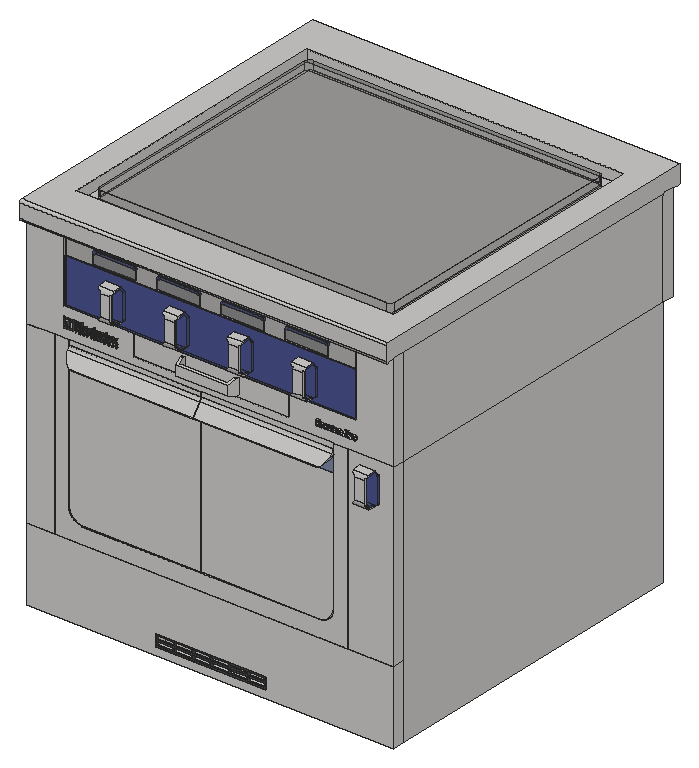
Revit family "QF_ELECTROLUXPROFESSIONAL_588463_MALPFAH4AO", category Attrezzature speciali, Revit 2020
Family settings
  Quota connettore circolare = Usa diametro
  Tipo di parte = Normale
  Basato su piano di lavoro = No
  Sempre verticale = Sì
  Taglio con vuoti quando caricato = No
  Condiviso = No
  Punto di calcolo locali = No
Parameters (values of type "Standard")
  Weight = 143.00 kg
  Watts = 14300 W
  Volts = 400 V
  URL Manufacturer = "https://www.electroluxprofessional.com/"
  URL = "https://www.electroluxprofessional.com/"
  Steam Supply Size = 0"
  Steam Supply Minimum Pressure = 0.00 psi
  Steam Supply Maximum Pressure = 0.00 psi
  Steam Consumption per Hour = 0
  Refrigeration Suction Line Size = 0 mm
  Refrigeration Liquid Line Size = 0 mm
  Refrigerant Compressor Remote = yes
  Prospetto di default = 0 mm
  Phase = 3
  Modello = "MALPFAH4AO"
  Produttore = "Electrolux Professional"
  Length Actual = 800 mm  # constant formula
  Item Number = "588463"
  Hot Water Size = 0"
  Height Actual = 800 mm  # constant formula
  HP = "19.2 HP"
  Gas Size = 0"
  Gas KW = 0
  Gas Input Pressure = 0.0 Btu/h
  Direct Waste Size = 0"
  Descrizione = "EL.SOLID TOP,WARM.CAB.1S,800X800X800H"
  Depth Actual = 800 mm  # constant formula
  Cycle = 50 Hz
  Condensate Return Size = 0"
  Compressed Air Volume = 0 GPM
  Compressed Air Size = 0"
  Compressed Air Pressure = 0.00 psi
  Cold Water Size = 0"
  Accessory = yes
Reference planes
  plane 1 "BACK": y = 0
  plane 2: z = 0
  plane 3 "LEFT": x = 0
  plane 4 "RIGHT": x = 800
  plane 5 "FRONT": y = -800
  plane 6 "TOP": z = 900
  plane 7 "Center (Left/Right)": x = 400
  plane 8: y = -400
  plane 9: z = 100
  plane 10: y = -150
  plane 11 "Panel": y = -755
  plane 12: z = 798
  plane 13: z = 1327
  plane 14: x = 78
  plane 15: x = 722
  plane 16: y = -150
  plane 17: y = -650
  plane 18 "EIx": x = 755
  plane 19 "EIy": y = -585
  plane 20: x = 380
  plane 21 "BASE_TOP": z = 650
  plane 22: x = 60
  plane 23: x = 700
  plane 24: z = 260
Forms (mm)
  Extrusion 1, solid, material "QF_Finishes_Stainless Steel"
    sketch origin (-178.969, -4572, 100) x (-1, 0, 0) y (0, -1, 0)
      loop
        line (-178.969, -4527) -> (-178.969, -3817) -> (-978.969, -3817) -> (-978.969, -4527) -> (-178.969, -4527)
    from 550 to 763
  Extrusion 2, solid, material "QF_Finishes_Stainless Steel"
    sketch origin (0, 0, 0) x (0, 1, 0) y (0, 0, 1)
      loop
        line (-755, 100) -> (-755, 260) -> (-780, 260) -> (-780, 100) -> (-755, 100)
    from 0 to 800
  Extrusion 3, solid, material "QF_Finishes_Stainless Steel"
    sketch origin (-588.969, -4562, 100) x (-1, 0, 0) y (0, -1, 0)
      loop
        circle (-1343.969, -3977) r 6.35
    from 0 to -11.851
  Extrusion 4, solid, material "QF_Finishes_Stainless Steel"
    sketch origin (400, 296.4, 1219.2) x (0, 1, 0) y (0, 0, 1)
      loop
        line (-296.4, -319.2) -> (-1091.4, -319.2)
        arc (-1091.4, -319.2) -> (-1094.935, -320.664) -> (-1096.4, -324.2) r 5
        line (-1096.4, -324.2) -> (-1096.4, -355.2)
        arc (-1096.4, -355.2) -> (-1094.971, -358.264) -> (-1091.705, -359.139) r 4
        line (-1091.705, -359.139) -> (-1076.4, -356.231) -> (-316.4, -356.231) -> (-301.094, -359.139)
        arc (-301.094, -359.139) -> (-297.829, -358.264) -> (-296.4, -355.2) r 4
        line (-296.4, -355.2) -> (-296.4, -319.2)
    from -400 to 400
  Extrusion 5, solid, material "QF_Finishes_Electrolux_Black Smoke Iluminated"
    sketch origin (0, 0, 900) x (-1, 0, 0) y (0, -1, 0)
      loop
        arc (-88, 109) -> (-80.929, 111.929) -> (-78, 119) r 10
        line (-78, 119) -> (-78, 680)
        arc (-78, 680) -> (-80.929, 687.071) -> (-88, 690) r 10
        line (-88, 690) -> (-712, 690)
        arc (-712, 690) -> (-719.071, 687.071) -> (-722, 680) r 10
        line (-722, 680) -> (-722, 119)
        arc (-722, 119) -> (-719.071, 111.929) -> (-712, 109) r 10
        line (-712, 109) -> (-88, 109)
    from 0 to -20
  Extrusion 6, solid, material "QF_Finishes_Stainless Steel"
    sketch origin (-178.969, -4571, 100) x (-1, 0, 0) y (0, -1, 0)
      loop
        line (-178.969, -4526) -> (-178.969, -3816) -> (-978.969, -3816) -> (-978.969, -4526) -> (-178.969, -4526)
    from 550 to 0
  Extrusion 7, void
    sketch origin (0, -755, 0) x (-1, 0, 0) y (0, 0, 1)
      loop
        line (-520, 116.594) -> (-280, 116.594) -> (-280, 141.594) -> (-520, 141.594) -> (-520, 116.594)
    from 0 to -25
  Extrusion 8, solid, material "QF_Finishes_Black"
    sketch origin (0, -755, 0) x (-1, 0, 0) y (0, 0, 1)
      loop
        line (-280, 141.594) -> (-520, 141.594) -> (-520, 116.594) -> (-280, 116.594) -> (-280, 141.594)
      loop
        line (-282, 139.594) -> (-319.131, 139.594) -> (-319.131, 130.094) -> (-282, 130.094) -> (-282, 139.594)
      loop
        line (-282, 118.594) -> (-282, 128.094) -> (-319.131, 128.094) -> (-319.131, 118.594) -> (-282, 118.594)
      loop
        line (-321.131, 139.594) -> (-359.066, 139.594) -> (-359.066, 130.094) -> (-321.131, 130.094) -> (-321.131, 139.594)
      loop
        line (-399, 139.594) -> (-399, 130.094) -> (-361.066, 130.094) -> (-361.066, 139.594) -> (-399, 139.594)
      loop
        line (-401, 139.594) -> (-438.934, 139.594) -> (-438.934, 130.094) -> (-401, 130.094) -> (-401, 139.594)
      loop
        line (-359.066, 118.594) -> (-321.131, 118.594) -> (-321.131, 128.094) -> (-359.066, 128.094) -> (-359.066, 118.594)
      loop
        line (-361.066, 118.594) -> (-361.066, 128.094) -> (-399, 128.094) -> (-399, 118.594) -> (-361.066, 118.594)
      loop
        line (-401, 128.094) -> (-438.934, 128.094) -> (-438.934, 118.594) -> (-401, 118.594) -> (-401, 128.094)
      loop
        line (-518, 139.594) -> (-518, 130.094) -> (-480.869, 130.094) -> (-480.869, 139.594) -> (-518, 139.594)
      loop
        line (-518, 118.594) -> (-480.869, 118.594) -> (-480.869, 128.094) -> (-518, 128.094) -> (-518, 118.594)
      loop
        line (-478.869, 139.594) -> (-478.869, 130.094) -> (-440.934, 130.094) -> (-440.934, 139.594) -> (-478.869, 139.594)
      loop
        line (-440.934, 118.594) -> (-440.934, 128.094) -> (-478.869, 128.094) -> (-478.869, 118.594) -> (-440.934, 118.594)
    from -25.03 to -20
  Extrusion 9, void
    sketch origin (0, 0, 900) x (-1, 0, 0) y (0, -1, 0)
      loop
        line (-53, 715) -> (-747, 715) -> (-747, 84) -> (-53, 84) -> (-53, 715)
    from 0 to -25
  Extrusion 10, solid, material "QF_Finishes_Stainless Steel"
    sketch origin (0, 0, 900) x (-1, 0, 0) y (0, -1, 0)
      loop
        line (-82, 113) -> (-82, 686) -> (-718, 686) -> (-718, 113) -> (-82, 113)
    from -20 to -25
  Extrusion 11, solid, material "QF_Finishes_Stainless Steel"
    sketch origin (0, -755, 0) x (-1, 0, 0) y (0, 0, 1)
      loop
        line (0, 260) -> (0, 650) -> (-60, 650) -> (-60, 260) -> (0, 260)
    from 0 to -25.03
  Extrusion 12, solid, material "QF_Finishes_Stainless Steel"
    sketch origin (0, -755, 0) x (-1, 0, 0) y (0, 0, 1)
      loop
        line (-700, 260) -> (-700, 650) -> (-800, 650) -> (-800, 260) -> (-700, 260)
    from 0 to -25.03
  Extrusion 13, solid, material "QF_Finishes_Stainless Steel"
    sketch origin (70, -755, 0) x (-1, 0, 0) y (0, 0, 1)
      loop
        line (10, 260) -> (10, 650) -> (-20, 650) -> (-20, 325)
        arc (-20, 325) -> (-28.787, 303.787) -> (-50, 295) r 30
        line (-50, 295) -> (-570, 295)
        arc (-570, 295) -> (-591.213, 303.787) -> (-600, 325) r 30
        line (-600, 325) -> (-600, 650) -> (-630, 650) -> (-630, 260) -> (10, 260)
    from 0 to -25.03
  Extrusion 14, solid, material "QF_Finishes_Stainless Steel"
    sketch origin (0, 0, 0) x (1, 0, 0) y (0, 0, 1)
      loop
        line (0, 650) -> (800, 650) -> (800, 862.969) -> (0, 862.969) -> (0, 650)
    from 45 to 20
Cuts and joins
  Extrusion 7 cuts Extrusion 6
  Extrusion 7 cuts Extrusion 2
  Extrusion 9 cuts Extrusion 4
Lines and regions (mm)
  symbolic lines
    curve 1: line (0, 0, 100) -> (800, 0, 100)
    curve 2: line (0, -800, 100) -> (0, 0, 100)
    curve 3: line (800, -800, 100) -> (0, -800, 100)
    curve 4: line (800, 0, 100) -> (800, -800, 100)
    curve 5: line (712, -109, 100) -> (88, -109, 100)
    curve 6: line (78, -119, 100) -> (78, -680, 100)
    curve 7: line (88, -690, 100) -> (712, -690, 100)
    curve 8: line (722, -680, 100) -> (722, -119, 100)
    curve 9: arc (88, -109, 100) -> (80.929, -111.929, 100) -> (78, -119, 100) r 10
    curve 10: arc (722, -119, 100) -> (719.071, -111.929, 100) -> (712, -109, 100) r 10
    curve 11: arc (712, -690, 100) -> (719.071, -687.071, 100) -> (722, -680, 100) r 10
    curve 12: arc (78, -680, 100) -> (80.929, -687.071, 100) -> (88, -690, 100) r 10
    curve 13: line (747, -84, 900) -> (53, -84, 900)
    curve 14: line (53, -84, 900) -> (53, -715, 900)
    curve 15: line (747, -715, 900) -> (747, -84, 900)
    curve 16: line (53, -715, 900) -> (747, -715, 900)
  model lines, style "SpecialityEquipment"
    curve 17: arc (584, -161, 900) -> (530.967, -289.033, 900) -> (659, -236, 900) r 75
    curve 18: line (639, -236, 900) -> (679, -236, 900)
    curve 19: line (679, -236, 900) -> (659, -216, 900)
    curve 20: line (639, -236, 900) -> (659, -216, 900)
    curve 21: arc (216, -161, 900) -> (162.967, -289.033, 900) -> (291, -236, 900) r 75
    curve 22: line (271, -236, 900) -> (311, -236, 900)
    curve 23: line (311, -236, 900) -> (291, -216, 900)
    curve 24: line (271, -236, 900) -> (291, -216, 900)
    curve 25: arc (584, -489, 900) -> (530.967, -617.033, 900) -> (659, -564, 900) r 75
    curve 26: line (639, -564, 900) -> (679, -564, 900)
    curve 27: line (679, -564, 900) -> (659, -544, 900)
    curve 28: line (639, -564, 900) -> (659, -544, 900)
    curve 29: arc (216, -489, 900) -> (162.967, -617.033, 900) -> (291, -564, 900) r 75
    curve 30: line (271, -564, 900) -> (311, -564, 900)
    curve 31: line (311, -564, 900) -> (291, -544, 900)
    curve 32: line (271, -564, 900) -> (291, -544, 900)
Dimensions and locks
  plane 3 "LEFT" to plane 4 "RIGHT" = 800 mm
  plane 5 "FRONT" to plane 1 "BACK" = 800 mm
  equal spacing: plane 3 "LEFT", plane 7 "Center (Left/Right)", plane 4 "RIGHT"
  equal spacing: plane 5 "FRONT", plane 8, plane 1 "BACK"
  plane 9 to level = 100 mm
  plane 1 "BACK" to plane 10 to plane 11 "Panel" = 150 mm, 605 mm  (x2)
  plane 6 "TOP" to plane 9 to level = 800 mm, 100 mm
  plane 6 "TOP" to level = 900 mm
  plane 1 "BACK" to plane 5 "FRONT" = 800 mm
  plane 1 "BACK" to Extrusion 3 = 585 mm
  plane 12 to plane 9 = 698 mm
  plane 13 to plane 6 "TOP" = 427 mm
  plane 6 "TOP" to plane 12 = 102 mm
  plane 14 to plane 3 "LEFT" = 78 mm
  plane 15 to plane 4 "RIGHT" = 78 mm
  locked: plane 1 "BACK" to plane 16 at 150
  locked: plane 16 to plane 17 at 500
  plane 11 "Panel" to plane 5 "FRONT" = 45 mm
  plane 18 "EIx" to plane 4 "RIGHT" = 45 mm
  plane 19 "EIy" to plane 1 "BACK" = 585 mm
  plane 7 "Center (Left/Right)" to plane 20 = 20 mm
  locked: plane 22 to plane 3 "LEFT" at 60
  plane 23 to plane 4 "RIGHT" = 100 mm
  plane 6 "TOP" to plane 21 "BASE_TOP" to plane 9 to level = 250 mm, 550 mm, 100 mm
  aligned and locked: level to plane 2
  aligned and locked: Extrusion 2 to plane 4 "RIGHT"
  aligned and locked: Extrusion 12 to plane 4 "RIGHT"
  aligned and locked: Extrusion 12 to plane 23
  aligned and locked: plane 21 "BASE_TOP" to Extrusion 12
  aligned and locked: Extrusion 12 to plane 24
  aligned and locked: Extrusion 11 to plane 3 "LEFT"
  aligned and locked: plane 22 to Extrusion 11
  aligned and locked: Extrusion 11 to plane 24
  aligned and locked: Extrusion 13 sketch curve to plane 22
  aligned and locked: Extrusion 13 sketch curve to plane 23
  aligned and locked: Extrusion 13 sketch curve to plane 21 "BASE_TOP"
  aligned and locked: Extrusion 14 to plane 3 "LEFT"
  aligned and locked: Extrusion 14 to plane 21 "BASE_TOP"
  aligned and locked: Extrusion 14 to cut or joined group of Extrusion 4, Extrusion 9
  aligned and locked: plane 24 to cut or joined group of Extrusion 2, Extrusion 7
Automatic sketch dimensions
  Extrusion 1 sketch curve to plane 4 "RIGHT" = 0 mm
  Extrusion 1 sketch curve to plane 3 "LEFT" = 0 mm
  Extrusion 1 sketch curve to plane 11 "Panel" = 0 mm
  plane 1 "BACK" to Extrusion 1 sketch curve = 45 mm
  Extrusion 2 sketch curve to plane 9 = 0 mm
  Extrusion 2 sketch curve to plane 11 "Panel" = 0 mm
  plane 24 to Extrusion 2 sketch curve = 0 mm
  Extrusion 2 sketch curve to plane 5 "FRONT" = 20 mm
  plane 1 "BACK" to curve 1 = 0 mm
  curve 1 to plane 4 "RIGHT" = 0 mm
  curve 8 to plane 15 = 0 mm
  curve 6 to plane 14 = 0 mm
  curve 2 to plane 3 "LEFT" = 0 mm
  plane 5 "FRONT" to curve 3 = 0 mm
  plane 15 to curve 5 = 10 mm
  curve 11 to curve 11 = 10 mm
  curve 5 to plane 14 = 10 mm
  curve 12 to curve 6 = 10 mm
  plane 10 to curve 5 = 41 mm
  plane 17 to curve 11 = 30 mm
  Extrusion 3 sketch curve to plane 18 "EIx" = 0 mm
  Extrusion 3 sketch curve to plane 19 "EIy" = 0 mm
  Extrusion 4 sketch curve to plane 5 "FRONT" = 0 mm
  Extrusion 4 sketch curve to plane 6 "TOP" = 0 mm
  Extrusion 4 sketch curve to plane 1 "BACK" = 0 mm
  Extrusion 4 sketch curve to plane 5 "FRONT" = 4 mm
  Extrusion 4 sketch curve to Extrusion 4 sketch curve = 0.695 mm
  Extrusion 4 sketch curve to plane 5 "FRONT" = 5 mm
  Extrusion 4 sketch curve to Extrusion 4 sketch curve = 15.305 mm
  plane 1 "BACK" to Extrusion 4 sketch curve = 20 mm
  plane 1 "BACK" to Extrusion 4 sketch curve = 4.695 mm
  Extrusion 4 sketch curve to Extrusion 4 sketch curve = 4 mm
  Extrusion 4 sketch curve to Extrusion 4 sketch curve = 31 mm
  Extrusion 4 sketch curve to plane 6 "TOP" = 36 mm
  Extrusion 4 sketch curve to Extrusion 4 sketch curve = 2.909 mm
  Extrusion 5 sketch curve to plane 15 = 0 mm
  Extrusion 5 sketch curve to plane 14 = 0 mm
  plane 15 to Extrusion 5 sketch curve = 10 mm  (x2)
  Extrusion 5 sketch curve to Extrusion 5 sketch curve = 10 mm  (x2)
  plane 10 to Extrusion 5 sketch curve = 41 mm
  plane 17 to Extrusion 5 sketch curve = 30 mm
  Extrusion 6 sketch curve to plane 4 "RIGHT" = 0 mm
  Extrusion 6 sketch curve to plane 3 "LEFT" = 0 mm
  plane 11 "Panel" to Extrusion 6 sketch curve = 0 mm
  plane 1 "BACK" to Extrusion 6 sketch curve = 45 mm
  plane 9 to Extrusion 7 sketch curve = 41.594 mm
  plane 7 "Center (Left/Right)" to Extrusion 7 sketch curve = 120 mm
  Extrusion 7 sketch curve to plane 20 = 100 mm
  plane 9 to Extrusion 7 sketch curve = 16.594 mm
  plane 9 to Extrusion 8 sketch curve = 41.594 mm
  plane 7 "Center (Left/Right)" to Extrusion 8 sketch curve = 120 mm
  Extrusion 8 sketch curve to Extrusion 8 sketch curve = 2 mm  (x16)
  Extrusion 8 sketch curve to Extrusion 8 sketch curve = 0 mm  (x15)
  Extrusion 8 sketch curve to Extrusion 8 sketch curve = 37.131 mm  (x2)
  Extrusion 8 sketch curve to Extrusion 8 sketch curve = 37.934 mm  (x2)
  plane 7 "Center (Left/Right)" to Extrusion 8 sketch curve = 1 mm  (x2)
  Extrusion 8 sketch curve to plane 7 "Center (Left/Right)" = 1 mm  (x2)
  Extrusion 8 sketch curve to plane 20 = 18.934 mm
  plane 9 to Extrusion 8 sketch curve = 18.594 mm  (x4)
  Extrusion 8 sketch curve to Extrusion 8 sketch curve = 9.5 mm  (x6)
  plane 18 "EIx" to Extrusion 9 sketch curve = 8 mm
  Extrusion 9 sketch curve to plane 22 = 7 mm
  plane 10 to Extrusion 9 sketch curve = 66 mm
  plane 11 "Panel" to Extrusion 9 sketch curve = 40 mm
  plane 15 to Extrusion 10 sketch curve = 4 mm
  Extrusion 10 sketch curve to plane 14 = 4 mm
  plane 10 to Extrusion 10 sketch curve = 37 mm
  plane 17 to Extrusion 10 sketch curve = 36 mm
  plane 18 "EIx" to curve 16 = 8 mm
  curve 19 to plane 23 = 21 mm
  curve 27 to plane 23 = 21 mm
  curve 26 to curve 27 = 20 mm
  curve 18 to curve 20 = 20 mm
  curve 19 to curve 20 = 20 mm
  curve 27 to curve 26 = 20 mm
  curve 18 to curve 17 = 55 mm
  curve 26 to curve 25 = 55 mm
  curve 31 to plane 20 = 69 mm
  curve 23 to plane 20 = 69 mm
  curve 22 to curve 24 = 20 mm
  curve 30 to curve 31 = 20 mm
  curve 31 to curve 32 = 20 mm
  curve 23 to curve 24 = 20 mm
  curve 22 to curve 21 = 55 mm
  curve 30 to curve 29 = 55 mm
  curve 14 to plane 22 = 7 mm
  curve 22 to plane 10 = 86 mm
  curve 18 to plane 10 = 86 mm
  plane 10 to curve 13 = 66 mm
  plane 11 "Panel" to curve 15 = 40 mm
  curve 25 to curve 26 = 20 mm
  curve 17 to curve 18 = 20 mm
  curve 29 to curve 30 = 20 mm
  curve 21 to curve 22 = 20 mm
  Extrusion 11 sketch curve to plane 22 = 0 mm
  Extrusion 11 sketch curve to plane 3 "LEFT" = 0 mm
  Extrusion 11 sketch curve to plane 24 = 0 mm
  Extrusion 11 sketch curve to plane 21 "BASE_TOP" = 0 mm
  plane 4 "RIGHT" to Extrusion 12 sketch curve = 0 mm
  Extrusion 12 sketch curve to plane 21 "BASE_TOP" = 0 mm
  Extrusion 12 sketch curve to plane 23 = 0 mm
  Extrusion 12 sketch curve to plane 24 = 0 mm
  Extrusion 13 sketch curve to plane 21 "BASE_TOP" = 0 mm
  Extrusion 13 sketch curve to plane 24 = 0 mm
  Extrusion 13 sketch curve to plane 23 = 30 mm
  Extrusion 13 sketch curve to Extrusion 13 sketch curve = 30 mm
  Extrusion 13 sketch curve to plane 14 = 42 mm
  Extrusion 13 sketch curve to plane 14 = 12 mm
  plane 24 to Extrusion 13 sketch curve = 35 mm
  plane 21 "BASE_TOP" to Extrusion 14 sketch curve = 212.969 mm
  Extrusion 14 sketch curve to plane 23 = 700 mm
  plane 4 "RIGHT" to Extrusion 14 sketch curve = 0 mm
  plane 24 to Extrusion 14 sketch curve = 390 mm
  plane 19 "EIy" to curve 31 = 21 mm
  plane 19 "EIy" to curve 27 = 41 mm
  radius of Extrusion 3 sketch curve = 6.35 mm
Nested families
  nested 1: "FIT Range Control Handle" at (745, -783.167, -372.751), type "FIT Range Control Handle"
  nested 2: "Front_Panel_W800_Four Knobs" at (202.376, -755, 0), type "Front_Panel_W800_Four Knobs"
  nested 3: "H450H2_2DOOR" at (343.958, -755, 200) x (1, 0, 0) z (0, -1, 0), type "H450H2_2DOOR"
    with Width 580 mm, Wdoor 290 mm, Show Clearance yes
  nested 4: "Warm" at (800, -800, 900), type "Warm"
Connectors
  electrical at (755, -585, 88.149)
    settings: on Extrusion 3, index 1, voltage 400 V, apparent load 33000 VA, apparent load phase1 0 VA, apparent load phase2 0 VA, apparent load phase3 0 VA, power factor 1, load classification "Other", number of poles 1, system type 30, power factor state 1, is connector primary yes, connector utility no, sub classification motor no, connector description "ELECTRICAL CONNECTION"
Definition of nested family "FIT Range Control Handle"
  Parameters
    Default Elevation = 0 mm
  Reference planes
    plane 1 "Center (Front/Back)": y = 0
    plane 2: z = 0
    plane 3 "Center (Left/Right)": x = 0
    plane 4: z = 971.092
    plane 5: y = -16.8
  Forms (mm)
    Extrusion 1, solid
      sketch origin (-746.28, 380.497, 208.931) x (-1, 0, 0) y (0, 0, 1)
        loop
          line (-770.101, 786.798) -> (-770.101, 731.649)
          arc (-770.101, 731.649) -> (-769.759, 730.563) -> (-768.855, 729.87) r 1.893
          line (-768.855, 729.87) -> (-763.474, 727.911) -> (-729.81, 727.911) -> (-724.428, 729.87)
          arc (-724.428, 729.87) -> (-723.525, 730.563) -> (-723.183, 731.649) r 1.893
          line (-723.183, 731.649) -> (-723.183, 786.798)
          arc (-723.183, 786.798) -> (-723.529, 787.894) -> (-724.44, 788.593) r 1.91
          line (-724.44, 788.593) -> (-729.683, 790.819) -> (-763.601, 790.819) -> (-768.844, 788.593)
          arc (-768.844, 788.593) -> (-769.755, 787.894) -> (-770.101, 786.798) r 1.91
      from -382.35 to -378.852
    Sweep 2, solid
      path origin (-746.788, 380.496, 208.091) x (0, -1, 0) y (0, 0, 1)
        loop
          line (379.775, 793.281) -> (395.661, 791.048)
          arc (395.661, 791.048) -> (397.781, 787.377) -> (398.517, 783.202) r 12.207
          line (398.517, 783.202) -> (398.517, 737.368)
          arc (398.517, 737.368) -> (397.781, 733.193) -> (395.661, 729.522) r 12.207
          line (395.661, 729.522) -> (379.775, 727.289)
      profile origin (-746.788, -7.222, 1000.256) x (0, -0.139173, 0.990268) y (-1, 0, 0)
        loop
          line (0.782, -763.123) -> (0.782, -730.907) -> (-1.322, -730.907) -> (-1.322, -763.123) -> (0.782, -763.123)
    Sweep 3, solid
      path origin (-746.788, 380.715, 207.832) x (0, -1, 0) y (0, 0, 1)
        loop
          line (380.478, 795.442) -> (397.218, 793.09)
          arc (397.218, 793.09) -> (399.929, 788.473) -> (400.871, 783.202) r 15.207
          line (400.871, 783.202) -> (400.871, 737.584)
          arc (400.871, 737.584) -> (399.914, 732.274) -> (397.164, 727.633) r 15.207
          line (397.164, 727.633) -> (380.601, 725.305)
      profile origin (-746.788, -8.132, 1002.099) x (0, -0.139173, 0.990268) y (-1, 0, 0)
        loop
          line (0.782, -763.123) -> (0.782, -730.907) -> (-1.322, -730.907) -> (-1.322, -763.123) -> (0.782, -763.123)
    Extrusion 4, void
      sketch origin (889.253, 220.666, 207.993) x (1, 0, 0) y (0, 0, 1)
        loop
          line (-943.038, 816.854) -> (-943.038, 703.686) -> (-899.466, 734.196) -> (-899.466, 786.344) -> (-943.038, 816.854)
      from 230.636 to 242.25
    Extrusion 5, void
      sketch origin (-888.8, 220.666, 207.993) x (-1, 0, 0) y (0, 0, -1)
        loop
          line (-943.038, -816.854) -> (-899.466, -786.344) -> (-899.466, -734.196) -> (-943.038, -703.686) -> (-943.038, -816.854)
      from 230.636 to 242.25
    Extrusion 6, solid
      sketch origin (0, 0, 0) x (1, 0, 0) y (0, 0, 1)
        loop
          circle (0, 971.092) r 7.736
      from -3.137 to -1.645
  Cuts and joins
    Extrusion 4, Extrusion 5 cuts Sweep 3
    Extrusion 4, Extrusion 5 cuts Sweep 2
    joined: Extrusion 1, Extrusion 6
  Lines and regions (mm)
    symbolic lines
      curve 1: line (-15.881, -19.189, 0) -> (-15.881, -16.8, 0)
      curve 2: line (16.334, -19.189, 0) -> (16.334, -16.8, 0)
      curve 3: spline (-15.881, -19.189, 0) -> (-15.417, -19.349, 0) -> (-14.951, -19.501, 0) -> (-14.483, -19.646, 0) -> (-14.014, -19.783, 0) -> (-13.543, -19.912, 0) -> (-13.071, -20.033, 0) -> (-12.597, -20.146, 0) -> (-12.122, -20.251, 0) -> (-11.646, -20.349, 0) -> (-11.169, -20.438, 0) -> (-10.691, -20.52, 0) -> (-10.213, -20.593, 0)
      curve 4: spline (10.666, -20.593, 0) -> (11.144, -20.52, 0) -> (11.622, -20.438, 0) -> (12.099, -20.349, 0) -> (12.575, -20.251, 0) -> (13.05, -20.146, 0) -> (13.524, -20.033, 0) -> (13.996, -19.912, 0) -> (14.467, -19.783, 0) -> (14.936, -19.646, 0) -> (15.404, -19.501, 0) -> (15.87, -19.349, 0) -> (16.334, -19.189, 0)
      curve 5: line (-10.213, -20.938, 0) -> (10.716, -20.938, 0)
  Dimensions and locks
    cut or joined group of Sweep 3, Extrusion 4, Extrusion 5 to cut or joined group of Sweep 3, Extrusion 4, Extrusion 5 = 71.686 mm
Definition of nested family "Front_Panel_W800_Four Knobs"
  Parameters
    Default Elevation = 0 mm
  Reference planes
    plane 1 "Center (Front/Back)": y = 0
    plane 2: z = 0
    plane 3 "Center (Left/Right)": x = 197.624
    plane 4 "Left": x = -202.376
    plane 5 "Right": x = 597.624
    plane 6: y = -45
    plane 7: x = -12.376
    plane 8: x = 127.624
    plane 9: y = -310
    plane 10: y = -25
    plane 11: x = 517.624
    plane 12: x = -122.376
  Forms (mm)
    Extrusion 1, solid
      sketch origin (833.217, 829.203, -1.25) x (0, 1, 0) y (0, 0, 1)
        loop
          line (-854.203, 651.25) -> (-829.203, 651.25) -> (-829.203, 864.25) -> (-854.203, 864.25) -> (-854.203, 651.25)
      from -1035.593 to -235.593
    Extrusion 2, void
      sketch origin (0, 0, 0) x (1, 0, 0) y (0, 0, 1)
        loop
          line (-122.376, 853.866) -> (-122.376, 711.866) -> (517.624, 711.866) -> (517.624, 853.866) -> (-122.376, 853.866)
      from 19.387 to 33.951
    Extrusion 3, void
      sketch origin (0, 0, 0) x (1, 0, 0) y (0, 0, 1)
        loop
          line (30.124, 711.866) -> (30.124, 666.866) -> (370.124, 666.866) -> (370.124, 711.866) -> (30.124, 711.866)
      from 19.387 to 25
    Extrusion 4, solid
      sketch origin (0, 0, 0) x (1, 0, 0) y (0, 0, 1)
        loop
          line (31.124, 710.866) -> (31.124, 667.866) -> (369.124, 667.866) -> (369.124, 710.866) -> (31.124, 710.866)
      from 19.387 to 25
    Extrusion 5, solid
      sketch origin (0, 0, 0) x (1, 0, 0) y (0, 1, 0)
        loop
          line (141.059, -25) -> (135.966, -25) -> (140.646, -49.075) -> (254.603, -49.075) -> (259.283, -25) -> (254.189, -25) -> (250.481, -44.075) -> (144.767, -44.075) -> (141.059, -25)
      from 672.593 to 705.67
    Extrusion 6, void
      sketch origin (197.624, 0, 0) x (0, 1, 0) y (0, 0, 1)
        loop
          line (-30, 705.67) -> (-30, 710.67) -> (-56.744, 710.67) -> (-56.744, 667.593) -> (-30, 667.593) -> (-30, 672.593) -> (-53.776, 680.318) -> (-53.776, 697.945) -> (-30, 705.67)
      from -70 to 70
    Extrusion 7, solid, detail levels coarse
      sketch origin (0, -265, 0) x (1, 0, 0) y (0, 1, 0)
        loop
          line (140.646, -69.075) -> (254.603, -69.075) -> (259.283, -45) -> (364.124, -45) -> (364.124, 240) -> (31.124, 240) -> (31.124, -45) -> (135.966, -45) -> (140.646, -69.075)
      from 672.593 to 705.67
    Extrusion 8, void
      sketch origin (197.624, -280, 0) x (0, 1, 0) y (0, 0, 1)
        loop
          line (-30, 705.67) -> (-30, 710.67) -> (-56.744, 710.67) -> (-56.744, 667.593) -> (-30, 667.593) -> (-30, 672.593) -> (-53.776, 680.318) -> (-53.776, 697.945) -> (-30, 705.67)
      from -70 to 70
  Cuts and joins
    Extrusion 2, Extrusion 3 cuts Extrusion 1
    Extrusion 6, Extrusion 8 cuts Extrusion 5
    Extrusion 8 cuts Extrusion 7
  Lines and regions (mm)
    symbolic lines
      curve 1: line (31.124, -45, 0) -> (31.124, -310, 0)
      curve 2: line (31.124, -310, 0) -> (364.124, -310, 0)
      curve 3: line (135.966, -310, 0) -> (140.646, -334.075, 0)
      curve 4: line (140.646, -334.075, 0) -> (254.603, -334.075, 0)
      curve 5: line (254.603, -334.075, 0) -> (259.283, -310, 0)
      curve 6: line (364.124, -310, 0) -> (364.124, -45, 0)
      curve 7: line (31.124, -300, 0) -> (364.124, -300, 0)
      curve 8: line (140.874, -309.046, 0) -> (144.767, -329.075, 0)
      curve 9: line (144.767, -329.075, 0) -> (250.481, -329.075, 0)
      curve 10: line (250.481, -329.075, 0) -> (254.375, -309.046, 0)
  Dimensions and locks
    equal spacing: plane 5 "Right", plane 3 "Center (Left/Right)", plane 4 "Left"
    plane 5 "Right" to plane 4 "Left" = 800 mm
    plane 3 "Center (Left/Right)" to plane 7 = 210 mm
    plane 3 "Center (Left/Right)" to plane 8 = 70 mm
    plane 6 to plane 9 = 265 mm
    aligned and locked: cut or joined group of Extrusion 1, Extrusion 2, Extrusion 3 to plane 4 "Left"
    aligned and locked: plane 5 "Right" to cut or joined group of Extrusion 1, Extrusion 2, Extrusion 3
    aligned and locked: plane 3 "Center (Left/Right)" to nested 2
    aligned and locked: cut or joined group of Extrusion 1, Extrusion 2, Extrusion 3 to nested 2
  Automatic sketch dimensions
    plane 7 to Extrusion 3 sketch curve = 42.5 mm
    plane 3 "Center (Left/Right)" to Extrusion 3 sketch curve = 172.5 mm
    level to Extrusion 3 sketch curve = 666.866 mm
    Extrusion 3 sketch curve to Extrusion 3 sketch curve = 45 mm
    plane 7 to Extrusion 4 sketch curve = 43.5 mm
    plane 3 "Center (Left/Right)" to Extrusion 4 sketch curve = 171.5 mm
    level to Extrusion 4 sketch curve = 667.866 mm
    Extrusion 4 sketch curve to Extrusion 4 sketch curve = 43 mm
    plane 8 to Extrusion 5 sketch curve = 8.342 mm
    plane 6 to Extrusion 5 sketch curve = 4.075 mm
    plane 8 to Extrusion 5 sketch curve = 13.021 mm
    Extrusion 5 sketch curve to Extrusion 5 sketch curve = 5.094 mm  (x2)
    Extrusion 5 sketch curve to plane 6 = 0.925 mm
    Extrusion 5 sketch curve to Extrusion 5 sketch curve = 4.122 mm  (x2)
    plane 3 "Center (Left/Right)" to Extrusion 5 sketch curve = 52.857 mm
    Extrusion 5 sketch curve to plane 6 = 20 mm  (x2)
    Extrusion 5 sketch curve to Extrusion 5 sketch curve = 3.708 mm
    plane 6 to Extrusion 6 sketch curve = 11.744 mm
    plane 6 to Extrusion 6 sketch curve = 8.776 mm
    Extrusion 6 sketch curve to plane 6 = 15 mm  (x2)
    level to Extrusion 6 sketch curve = 667.593 mm
    Extrusion 6 sketch curve to Extrusion 6 sketch curve = 5 mm
    Extrusion 6 sketch curve to Extrusion 6 sketch curve = 12.725 mm  (x2)
    Extrusion 6 sketch curve to Extrusion 6 sketch curve = 17.627 mm
    Extrusion 6 sketch curve to Extrusion 6 sketch curve = 7.725 mm
    Extrusion 8 sketch curve to plane 9 = 26.744 mm
    Extrusion 8 sketch curve to plane 9 = 23.776 mm
    plane 9 to Extrusion 8 sketch curve = 0 mm  (x2)
    level to Extrusion 8 sketch curve = 667.593 mm
    Extrusion 8 sketch curve to Extrusion 8 sketch curve = 5 mm
    Extrusion 8 sketch curve to Extrusion 8 sketch curve = 12.725 mm  (x2)
    Extrusion 8 sketch curve to Extrusion 8 sketch curve = 17.627 mm
    Extrusion 8 sketch curve to Extrusion 8 sketch curve = 7.725 mm
    plane 9 to Extrusion 7 sketch curve = 0 mm  (x2)
    plane 7 to Extrusion 7 sketch curve = 43.5 mm
    plane 8 to Extrusion 7 sketch curve = 8.342 mm
    Extrusion 7 sketch curve to plane 9 = 24.075 mm
    plane 8 to Extrusion 7 sketch curve = 13.021 mm
    Extrusion 7 sketch curve to Extrusion 7 sketch curve = 104.842 mm
    Extrusion 7 sketch curve to plane 6 = 20 mm
    plane 3 "Center (Left/Right)" to Extrusion 7 sketch curve = 56.979 mm
    Extrusion 7 sketch curve to Extrusion 7 sketch curve = 4.68 mm
    Extrusion 1 sketch curve to plane 1 "Center (Front/Back)" = 0 mm
    level to Extrusion 1 sketch curve = 650 mm
    plane 4 "Left" to Extrusion 2 sketch curve = 80 mm
    Extrusion 2 sketch curve to plane 5 "Right" = 80 mm
    level to Extrusion 2 sketch curve = 711.866 mm
    Extrusion 2 sketch curve to Extrusion 2 sketch curve = 142 mm
    plane 6 to curve 1 = 0 mm
    plane 6 to curve 6 = 0 mm
    plane 9 to curve 1 = 0 mm
    plane 7 to curve 1 = 43.5 mm
    curve 4 to plane 9 = 24.075 mm
    plane 8 to curve 4 = 13.021 mm
    curve 3 to curve 8 = 4.122 mm
    plane 3 "Center (Left/Right)" to curve 4 = 56.979 mm
    curve 4 to curve 2 = 109.521 mm
    plane 8 to curve 3 = 8.342 mm
    curve 3 to curve 8 = 4.908 mm
    curve 9 to curve 4 = 4.122 mm
    curve 10 to plane 9 = 19.075 mm
    curve 9 to curve 5 = 8.801 mm
    plane 9 to curve 10 = 0.954 mm
    curve 10 to curve 5 = 4.908 mm
    curve 3 to curve 8 = 0.954 mm
    curve 1 to curve 7 = 10 mm
    Extrusion 1 sketch curve to plane 6 = 20 mm
    Extrusion 1 sketch curve to Extrusion 1 sketch curve = 213 mm
  Nested families
    nested 1: "Range Control Handle" at (-12.376, -28.137, -209.113) x (-1, 0, 0) z (0, 0, 1), type "Range Control Handle"
    nested 2: "Front glass control panel W800" at (197.624, 280.644, 2.752), type "Front glass control panel W800"
    nested 3: "Range Control Handle" at (127.624, -28.137, -209.113) x (-1, 0, 0) z (0, 0, 1), type "Range Control Handle"
    nested 4: "Range Control Handle" at (407.624, -28.137, -209.113), type "Range Control Handle"
    nested 5: "Range Control Handle" at (267.624, -28.137, -209.113), type "Range Control Handle"
    nested 6: "ELX_ThermaLine_Small" at (468.838, -25, 679.426) x (1, 0, 0) z (0, -1, 0), type "ELX_ThermaLine_Small"
      with Show Logo yes, Material_Logo none
    nested 7: "ELX_Professional_Logo_Small" at (-62.89, -25, 681.659) x (1, 0, 0) z (0, -1, 0), type "ELX_Professional_Logo_Small"
      with Show Logo yes, Material_Logo none
  Definition of nested family "Range Control Handle"
    Parameters
      Default Elevation = 0 mm
    Reference planes
      plane 1 "Center (Front/Back)": y = 0
      plane 2: z = 0
      plane 3 "Center (Left/Right)": x = 0
      plane 4: z = 971.092
      plane 5: y = -16.9
    Forms (mm)
      Extrusion 1, solid
        sketch origin (-746.28, 380.497, 208.931) x (-1, 0, 0) y (0, 0, 1)
          loop
            line (-770.101, 786.798) -> (-770.101, 731.649)
            arc (-770.101, 731.649) -> (-769.759, 730.563) -> (-768.855, 729.87) r 1.893
            line (-768.855, 729.87) -> (-763.474, 727.911) -> (-729.81, 727.911) -> (-724.428, 729.87)
            arc (-724.428, 729.87) -> (-723.525, 730.563) -> (-723.183, 731.649) r 1.893
            line (-723.183, 731.649) -> (-723.183, 786.798)
            arc (-723.183, 786.798) -> (-723.529, 787.894) -> (-724.44, 788.593) r 1.91
            line (-724.44, 788.593) -> (-729.683, 790.819) -> (-763.601, 790.819) -> (-768.844, 788.593)
            arc (-768.844, 788.593) -> (-769.755, 787.894) -> (-770.101, 786.798) r 1.91
        from -382.35 to -378.852
      Sweep 2, solid
        path origin (-746.788, 380.496, 208.091) x (0, -1, 0) y (0, 0, 1)
          loop
            line (379.775, 793.281) -> (395.661, 791.048)
            arc (395.661, 791.048) -> (397.781, 787.377) -> (398.517, 783.202) r 12.207
            line (398.517, 783.202) -> (398.517, 737.368)
            arc (398.517, 737.368) -> (397.781, 733.193) -> (395.661, 729.522) r 12.207
            line (395.661, 729.522) -> (379.775, 727.289)
        profile origin (-746.788, -7.222, 1000.256) x (0, -0.139173, 0.990268) y (-1, 0, 0)
          loop
            line (0.782, -763.123) -> (0.782, -730.907) -> (-1.322, -730.907) -> (-1.322, -763.123) -> (0.782, -763.123)
      Sweep 3, solid
        path origin (-746.788, 380.715, 207.832) x (0, -1, 0) y (0, 0, 1)
          loop
            line (380.478, 795.442) -> (397.218, 793.09)
            arc (397.218, 793.09) -> (399.929, 788.473) -> (400.871, 783.202) r 15.207
            line (400.871, 783.202) -> (400.871, 737.584)
            arc (400.871, 737.584) -> (399.914, 732.274) -> (397.164, 727.633) r 15.207
            line (397.164, 727.633) -> (380.601, 725.305)
        profile origin (-746.788, -8.132, 1002.099) x (0, -0.139173, 0.990268) y (-1, 0, 0)
          loop
            line (0.782, -763.123) -> (0.782, -730.907) -> (-1.322, -730.907) -> (-1.322, -763.123) -> (0.782, -763.123)
      Extrusion 4, void
        sketch origin (889.253, 220.666, 207.993) x (1, 0, 0) y (0, 0, 1)
          loop
            line (-943.038, 816.854) -> (-943.038, 703.686) -> (-899.466, 734.196) -> (-899.466, 786.344) -> (-943.038, 816.854)
        from 230.636 to 242.25
      Extrusion 5, void
        sketch origin (-888.8, 220.666, 207.993) x (-1, 0, 0) y (0, 0, -1)
          loop
            line (-943.038, -816.854) -> (-899.466, -786.344) -> (-899.466, -734.196) -> (-943.038, -703.686) -> (-943.038, -816.854)
        from 230.636 to 242.25
      Extrusion 6, solid
        sketch origin (0, 0, 0) x (1, 0, 0) y (0, 0, 1)
          loop
            circle (0, 971.092) r 7.736
        from -3.137 to -1.645
    Cuts and joins
      Extrusion 4, Extrusion 5 cuts Sweep 3
      Extrusion 4, Extrusion 5 cuts Sweep 2
      joined: Extrusion 1, Extrusion 6
    Lines and regions (mm)
      symbolic lines
        curve 1: line (16.334, -16.9, 0) -> (16.334, -19.227, 0)
        curve 2: spline (16.334, -19.227, 0) -> (15.87, -19.385, 0) -> (15.404, -19.536, 0) -> (14.936, -19.678, 0) -> (14.466, -19.813, 0) -> (13.995, -19.94, 0) -> (13.523, -20.059, 0) -> (13.049, -20.171, 0) -> (12.575, -20.274, 0) -> (12.099, -20.37, 0) -> (11.622, -20.458, 0) -> (11.144, -20.537, 0) -> (10.666, -20.609, 0)
        curve 3: line (10.666, -16.9, 0) -> (10.666, -20.938, 0)
        curve 4: line (-10.213, -20.938, 0) -> (10.666, -20.938, 0)
        curve 5: line (-10.213, -20.938, 0) -> (-10.213, -16.9, 0)
        curve 6: spline (-10.213, -20.609, 0) -> (-10.691, -20.537, 0) -> (-11.169, -20.458, 0) -> (-11.646, -20.37, 0) -> (-12.122, -20.274, 0) -> (-12.597, -20.171, 0) -> (-13.07, -20.059, 0) -> (-13.542, -19.94, 0) -> (-14.013, -19.813, 0) -> (-14.483, -19.678, 0) -> (-14.951, -19.536, 0) -> (-15.417, -19.385, 0) -> (-15.881, -19.227, 0)
        curve 7: line (-15.881, -19.227, 0) -> (-15.881, -16.9, 0)
  Definition of nested family "Front glass control panel W800"
    Parameters
      Default Elevation = 0 mm
    Reference planes
      plane 1 "Center (Front/Back)": y = 0
      plane 2: z = 0
      plane 3 "Center (Left/Right)": x = 0
    Forms (mm)
      Extrusion 1, solid
        sketch origin (378.286, 0, 0.617) x (1, 0, 0) y (0, 0, 1)
          loop
            line (-698.286, 806.791) -> (-698.286, 708.497) -> (-58.286, 708.497) -> (-58.286, 806.791) -> (-698.286, 806.791)
        from 300.031 to 304.8
      Extrusion 2, solid
        sketch origin (378.286, 0, 0.617) x (1, 0, 0) y (0, 0, 1)
          loop
            line (-698.286, 850.497) -> (-698.286, 806.791) -> (-58.286, 806.791) -> (-58.286, 850.497) -> (-698.286, 850.497)
        from 300.031 to 304.8
      Extrusion 3, void
        sketch origin (378.286, 0, 0.617) x (1, 0, 0) y (0, 0, 1)
          loop
            line (-695.628, 847.565) -> (-695.628, 710.699) -> (-61.196, 710.699) -> (-61.196, 847.565) -> (-695.628, 847.565)
        from 303.697 to 304.8
      Extrusion 4, solid
        sketch origin (-378.333, 1.101, -0.633) x (-1, 0, 0) y (0, 0, -1)
          loop
            line (-261.431, -812.62) -> (-355.186, -812.62) -> (-355.186, -834.177) -> (-350.269, -834.177) -> (-348.469, -835.977) -> (-268.039, -835.977) -> (-266.24, -834.177) -> (-261.431, -834.177) -> (-261.431, -812.62)
        from 304.798 to 306.745
      Extrusion 5, solid
        sketch origin (-378.333, 1.101, -0.633) x (-1, 0, 0) y (0, 0, -1)
          loop
            line (-350.269, -834.177) -> (-355.078, -834.177)
            arc (-355.078, -834.177) -> (-353.942, -838.747) -> (-349.686, -840.763) r 5.5
            line (-349.686, -840.763) -> (-266.98, -840.763)
            arc (-266.98, -840.763) -> (-262.706, -838.752) -> (-261.529, -834.177) r 5.549
            line (-261.529, -834.177) -> (-266.24, -834.177) -> (-268.039, -835.977) -> (-348.469, -835.977) -> (-350.269, -834.177)
        from 304.798 to 306.745
      Extrusion 6, solid
        sketch origin (-518.333, 1.101, -0.633) x (-1, 0, 0) y (0, 0, -1)
          loop
            line (-261.431, -812.62) -> (-355.186, -812.62) -> (-355.186, -834.177) -> (-350.269, -834.177) -> (-348.469, -835.977) -> (-268.039, -835.977) -> (-266.24, -834.177) -> (-261.431, -834.177) -> (-261.431, -812.62)
        from 304.798 to 306.745
      Extrusion 7, solid
        sketch origin (-518.333, 1.101, -0.633) x (-1, 0, 0) y (0, 0, -1)
          loop
            line (-350.269, -834.177) -> (-355.078, -834.177)
            arc (-355.078, -834.177) -> (-353.942, -838.747) -> (-349.686, -840.763) r 5.5
            line (-349.686, -840.763) -> (-266.98, -840.763)
            arc (-266.98, -840.763) -> (-262.706, -838.752) -> (-261.529, -834.177) r 5.549
            line (-261.529, -834.177) -> (-266.24, -834.177) -> (-268.039, -835.977) -> (-348.469, -835.977) -> (-350.269, -834.177)
        from 304.798 to 306.745
      Extrusion 8, solid
        sketch origin (378.333, 1.101, -0.633) x (1, 0, 0) y (0, 0, 1)
          loop
            line (-261.431, 812.62) -> (-261.431, 834.177) -> (-266.24, 834.177) -> (-268.039, 835.977) -> (-348.469, 835.977) -> (-350.269, 834.177) -> (-355.186, 834.177) -> (-355.186, 812.62) -> (-261.431, 812.62)
        from 304.798 to 306.745
      Extrusion 9, solid
        sketch origin (378.333, 1.101, -0.633) x (1, 0, 0) y (0, 0, 1)
          loop
            line (-350.269, 834.177) -> (-348.469, 835.977) -> (-268.039, 835.977) -> (-266.24, 834.177) -> (-261.529, 834.177)
            arc (-261.529, 834.177) -> (-262.706, 838.752) -> (-266.98, 840.763) r 5.549
            line (-266.98, 840.763) -> (-349.686, 840.763)
            arc (-349.686, 840.763) -> (-353.942, 838.747) -> (-355.078, 834.177) r 5.5
            line (-355.078, 834.177) -> (-350.269, 834.177)
        from 304.798 to 306.745
      Extrusion 10, solid
        sketch origin (518.333, 1.101, -0.633) x (1, 0, 0) y (0, 0, 1)
          loop
            line (-261.431, 812.62) -> (-261.431, 834.177) -> (-266.24, 834.177) -> (-268.039, 835.977) -> (-348.469, 835.977) -> (-350.269, 834.177) -> (-355.186, 834.177) -> (-355.186, 812.62) -> (-261.431, 812.62)
        from 304.798 to 306.745
      Extrusion 11, solid
        sketch origin (518.333, 1.101, -0.633) x (1, 0, 0) y (0, 0, 1)
          loop
            line (-350.269, 834.177) -> (-348.469, 835.977) -> (-268.039, 835.977) -> (-266.24, 834.177) -> (-261.529, 834.177)
            arc (-261.529, 834.177) -> (-262.706, 838.752) -> (-266.98, 840.763) r 5.549
            line (-266.98, 840.763) -> (-349.686, 840.763)
            arc (-349.686, 840.763) -> (-353.942, 838.747) -> (-355.078, 834.177) r 5.5
            line (-355.078, 834.177) -> (-350.269, 834.177)
        from 304.798 to 306.745
    Cuts and joins
      Extrusion 3 cuts Extrusion 1
      Extrusion 3 cuts Extrusion 2
    Dimensions and locks
      aligned and locked: Extrusion 1 to Extrusion 2
      aligned and locked: Extrusion 5 sketch curve to Extrusion 4  (x5)
      aligned and locked: Extrusion 5 to Extrusion 4
      aligned and locked: Extrusion 7 sketch curve to Extrusion 6  (x5)
      aligned and locked: Extrusion 7 to Extrusion 6
      aligned and locked: Extrusion 9 sketch curve to Extrusion 8  (x4)
      aligned and locked: Extrusion 8 to Extrusion 9 sketch curve
      aligned and locked: Extrusion 9 to Extrusion 8
      aligned and locked: Extrusion 11 sketch curve to Extrusion 10  (x4)
      aligned and locked: Extrusion 10 to Extrusion 11 sketch curve
      aligned and locked: Extrusion 11 to Extrusion 10
  Definition of nested family "ELX_ThermaLine_Small"
    Parameters
      Show Logo [instance] = yes
      Material_Logo [instance] = none
      Default Elevation = 0 mm
    Reference planes
      plane 1 "Centro (Fronte/Retro)": y = 0
      plane 2: z = 0
      plane 3 "Centro (Sinistra/Destra)": x = 0
    Forms (mm)
      Extrusion 1, solid
        sketch origin (0, 0, 0) x (1, 0, 0) y (0, 1, 0)
          loop
            line (-1219.2, 1219.2) -> (-1219.2, -1219.2) -> (1219.2, -1219.2) -> (1219.2, 1219.2) -> (-1219.2, 1219.2)
        from 0 to -304.8
      Extrusion 2, solid
        sketch origin (0, 0, 0) x (1, 0, 0) y (0, 1, 0)
          loop
            line (-37.494, 1.229) -> (-35.908, 1.229) -> (-35.908, 3.066) -> (-37.494, 3.066) -> (-37.494, 6.221) -> (-39.867, 4.881) -> (-39.867, 3.066) -> (-40.969, 3.066) -> (-40.969, 1.229) -> (-39.867, 1.229) -> (-39.867, -3.407)
            arc (-39.867, -3.407) -> (-38.982, -5.513) -> (-36.751, -6.001) r 2.478
            line (-36.751, -6.001) -> (-35.638, -5.7) -> (-35.9, -3.835) -> (-36.661, -4.039)
            arc (-36.661, -4.039) -> (-37.236, -3.924) -> (-37.494, -3.399) r 0.662
            line (-37.494, -3.399) -> (-37.494, 1.229)
          loop
            line (-34.242, 6.539) -> (-34.242, -5.848) -> (-31.854, -5.848) -> (-31.854, -0.078)
            arc (-31.854, -0.078) -> (-30.939, 1.249) -> (-29.33, 1.367) r 1.866
            arc (-29.33, 1.367) -> (-28.695, 0.768) -> (-28.461, -0.073) r 1.627
            line (-28.461, -0.073) -> (-28.461, -5.848) -> (-26.086, -5.848) -> (-26.064, -0.46)
            arc (-26.064, -0.46) -> (-26.261, 0.932) -> (-26.786, 2.237) r 5.825
            arc (-26.786, 2.237) -> (-29.381, 3.264) -> (-31.854, 1.971) r 3.353
            line (-31.854, 1.971) -> (-31.854, 6.539) -> (-34.242, 6.539)
          loop
            arc (-18.398, -0.598) -> (-18.893, 0.879) -> (-20.326, 1.487) r 1.897
            arc (-20.326, 1.487) -> (-21.461, 0.708) -> (-21.897, -0.598) r 2.164
            line (-21.897, -0.598) -> (-18.398, -0.598)
          loop
            arc (-16.021, -2.044) -> (-16.754, 1.227) -> (-19.444, 3.226) r 4.814
            arc (-19.444, 3.226) -> (-22.137, 2.788) -> (-23.943, 0.743) r 4.054
            arc (-23.943, 0.743) -> (-24.382, -1.249) -> (-24.162, -3.276) r 6.289
            arc (-24.162, -3.276) -> (-23.302, -4.71) -> (-21.958, -5.705) r 4.28
            arc (-21.958, -5.705) -> (-18.558, -5.814) -> (-16.152, -3.409) r 4.28
            line (-16.152, -3.409) -> (-18.5, -2.995)
            arc (-18.5, -2.995) -> (-19.273, -3.994) -> (-20.533, -4.076) r 1.536
            arc (-20.533, -4.076) -> (-21.56, -3.281) -> (-21.958, -2.044) r 2.197
            line (-21.958, -2.044) -> (-16.021, -2.044)
          loop
            line (-14.165, -5.848) -> (-11.819, -5.848) -> (-11.819, -2.138)
            arc (-11.819, -2.138) -> (-11.787, -1.156) -> (-11.637, -0.185) r 8.18
            arc (-11.637, -0.185) -> (-10.644, 0.972) -> (-9.132, 0.776) r 1.603
            line (-9.132, 0.776) -> (-8.419, 2.846)
            arc (-8.419, 2.846) -> (-10.432, 3.118) -> (-11.994, 1.821) r 2.527
            line (-11.994, 1.821) -> (-11.994, 3.094) -> (-14.165, 3.094) -> (-14.165, -5.848)
          loop
            line (-7.579, 3.094) -> (-7.579, -5.848) -> (-5.178, -5.848) -> (-5.178, -0.756)
            arc (-5.178, -0.756) -> (-4.727, 0.679) -> (-3.417, 1.419) r 2.05
            arc (-3.417, 1.419) -> (-2.499, 0.908) -> (-2.155, -0.085) r 1.471
            line (-2.155, -0.085) -> (-2.155, -5.848) -> (0.23, -5.848) -> (0.23, -1.001)
            arc (0.23, -1.001) -> (0.47, 0.127) -> (1.148, 1.061) r 2.775
            arc (1.148, 1.061) -> (2.225, 1.329) -> (3.05, 0.587) r 1.182
            arc (3.05, 0.587) -> (3.199, -0.019) -> (3.214, -0.642) r 2.894
            line (3.214, -0.642) -> (3.214, -5.848) -> (5.601, -5.848) -> (5.601, 0.261)
            arc (5.601, 0.261) -> (4.87, 2.263) -> (2.976, 3.241) r 2.932
            arc (2.976, 3.241) -> (1.284, 2.973) -> (-0.047, 1.896) r 3.309
            arc (-0.047, 1.896) -> (-1.116, 2.865) -> (-2.506, 3.258) r 3.16
            arc (-2.506, 3.258) -> (-4.105, 2.942) -> (-5.376, 1.92) r 3.419
            line (-5.376, 1.92) -> (-5.376, 3.094) -> (-7.579, 3.094)
          loop
            line (7.583, 0.738) -> (9.702, 0.364)
            arc (9.702, 0.364) -> (11.441, 1.492) -> (12.855, -0.023) r 1.613
            line (12.855, -0.023) -> (9.782, -0.789)
            arc (9.782, -0.789) -> (8.559, -1.346) -> (7.617, -2.305) r 3.687
            arc (7.617, -2.305) -> (7.499, -3.681) -> (7.901, -5.003) r 3.651
            arc (7.901, -5.003) -> (9.107, -5.766) -> (10.515, -6.006) r 3.635
            arc (10.515, -6.006) -> (11.898, -5.697) -> (13.067, -4.895) r 3.734
            line (13.067, -4.895) -> (13.376, -5.848) -> (15.75, -5.848) -> (15.212, -4.193) -> (15.212, 0.38)
            arc (15.212, 0.38) -> (14.897, 1.849) -> (13.818, 2.895) r 2.585
            arc (13.818, 2.895) -> (11.792, 3.442) -> (9.719, 3.11) r 5.005
            arc (9.719, 3.11) -> (8.369, 2.178) -> (7.583, 0.738) r 3.54
          loop
            line (19.723, -5.848) -> (22.233, -5.848) -> (24.854, 6.484) -> (22.345, 6.484) -> (19.723, -5.848)
          loop
            line (24.583, -5.848) -> (26.953, -5.848) -> (28.848, 3.066) -> (26.478, 3.066) -> (24.583, -5.848)
          loop
            line (27.204, 6.484) -> (26.741, 4.305) -> (29.111, 4.305) -> (29.575, 6.484) -> (27.204, 6.484)
          loop
            line (29.355, -5.848) -> (31.849, -5.848) -> (33.098, 0.028)
            arc (33.098, 0.028) -> (34.169, 1.306) -> (35.832, 1.422) r 2.132
            arc (35.832, 1.422) -> (36.324, 0.752) -> (36.383, -0.078) r 1.5
            line (36.383, -0.078) -> (35.157, -5.848) -> (37.536, -5.848) -> (38.936, 0.738)
            arc (38.936, 0.738) -> (38.775, 2.091) -> (37.825, 3.066) r 2.118
            arc (37.825, 3.066) -> (35.392, 3.175) -> (33.295, 1.937) r 4.271
            line (33.295, 1.937) -> (33.535, 3.066) -> (31.25, 3.066) -> (29.355, -5.848)
          loop
            line (42.792, -0.64) -> (46.589, -0.64)
            arc (46.589, -0.64) -> (46.639, 0.124) -> (46.327, 0.823) r 1.589
            arc (46.327, 0.823) -> (45.117, 1.521) -> (43.762, 1.183) r 1.865
            arc (43.762, 1.183) -> (43.141, 0.344) -> (42.792, -0.64) r 3.538
          loop
            line (42.565, -2.138) -> (48.593, -2.138)
            arc (48.593, -2.138) -> (48.58, 0.597) -> (46.983, 2.818) r 4.494
            arc (46.983, 2.818) -> (44.191, 3.28) -> (41.725, 1.891) r 4.26
            arc (41.725, 1.891) -> (40.503, -0.3) -> (40.284, -2.799) r 6.003
            arc (40.284, -2.799) -> (40.959, -4.468) -> (42.377, -5.576) r 3.482
            arc (42.377, -5.576) -> (44.265, -5.961) -> (46.152, -5.576) r 4.823
            arc (46.152, -5.576) -> (47.432, -4.731) -> (48.328, -3.485) r 4.245
            line (48.328, -3.485) -> (46.168, -3.105)
            arc (46.168, -3.105) -> (45.214, -4.072) -> (43.859, -4.181) r 1.953
            arc (43.859, -4.181) -> (42.821, -3.408) -> (42.565, -2.138) r 1.81
          loop
            line (12.868, -1.553) -> (10.216, -2.214)
            arc (10.216, -2.214) -> (9.747, -3.136) -> (10.216, -4.058) r 1.14
            arc (10.216, -4.058) -> (11.537, -4.249) -> (12.614, -3.46) r 1.763
            arc (12.614, -3.46) -> (12.858, -2.522) -> (12.868, -1.553) r 3.97
        from 0 to 1.6
    Dimensions and locks
      aligned and locked: plane 2 to Extrusion 1
      aligned and locked: level to Extrusion 1
  Definition of nested family "ELX_Professional_Logo_Small"
    Parameters
      Show Logo [instance] = yes
      Material_Logo [instance] = none
      Default Elevation = 0 mm
    Reference planes
      plane 1 "Centro (Fronte/Retro)": y = 0
      plane 2: z = 0
      plane 3 "Centro (Sinistra/Destra)": x = 0
    Forms (mm)
      Extrusion 1, solid
        sketch origin (0, 0, 0) x (1, 0, 0) y (0, 1, 0)
          loop
            line (-1219.2, 1219.2) -> (-1219.2, -1219.2) -> (1219.2, -1219.2) -> (1219.2, 1219.2) -> (-1219.2, 1219.2)
        from 0 to -304.8
      Extrusion 2, solid, material <- "Material_Logo"
        sketch origin (15.5, 0, 0) x (1, 0, 0) y (0, 1, 0)
          loop
            spline (-42.99, -1.24) -> (-43.195, -1.231) -> (-43.415, -1.203) -> (-43.642, -1.152) -> (-43.87, -1.074) -> (-44.095, -0.966) -> (-44.309, -0.825) -> (-44.506, -0.647) -> (-44.681, -0.429) -> (-44.828, -0.167) -> (-44.94, 0.142) -> (-45.011, 0.501) -> (-45.037, 0.915)
            line (-45.037, 0.915) -> (-45.037, 2.748) -> (-38.984, 2.748) -> (-38.984, 5.086) -> (-45.038, 5.086) -> (-45.038, 8.489) -> (-38.599, 8.489) -> (-38.599, 10.82) -> (-47.515, 10.82) -> (-47.515, 1.021)
            spline (-47.515, 1.021) -> (-47.493, 0.418) -> (-47.425, -0.15) -> (-47.311, -0.682) -> (-47.15, -1.175) -> (-46.939, -1.628) -> (-46.678, -2.038) -> (-46.365, -2.404) -> (-46, -2.723) -> (-45.58, -2.995) -> (-45.105, -3.216) -> (-44.573, -3.385) -> (-43.983, -3.499)
            line (-43.983, -3.499) -> (-43.01, -3.569) -> (-38.426, -3.569) -> (-38.426, -1.24) -> (-42.99, -1.24)
          loop
            line (-36.666, 4.021) -> (-36.666, -3.573) -> (-34.188, -3.573) -> (-34.188, 10.824) -> (-36.666, 10.824) -> (-36.666, 4.021)
          loop
            spline (-21.915, 1.897) -> (-21.957, 2.615) -> (-22.082, 3.303) -> (-22.285, 3.955) -> (-22.563, 4.564) -> (-22.913, 5.124) -> (-23.331, 5.629) -> (-23.814, 6.074) -> (-24.359, 6.451) -> (-24.961, 6.755) -> (-25.618, 6.98) -> (-26.326, 7.119) -> (-27.081, 7.167)
            spline (-27.081, 7.167) -> (-27.853, 7.122) -> (-28.586, 6.99) -> (-29.275, 6.774) -> (-29.915, 6.478) -> (-30.5, 6.104) -> (-31.024, 5.657) -> (-31.483, 5.138) -> (-31.871, 4.553) -> (-32.182, 3.904) -> (-32.411, 3.194) -> (-32.552, 2.427) -> (-32.6, 1.606)
            spline (-32.6, 1.606) -> (-32.553, 0.805) -> (-32.416, 0.057) -> (-32.193, -0.637) -> (-31.887, -1.271) -> (-31.504, -1.843) -> (-31.048, -2.35) -> (-30.523, -2.788) -> (-29.934, -3.154) -> (-29.284, -3.444) -> (-28.579, -3.656) -> (-27.822, -3.785) -> (-27.019, -3.829)
            spline (-27.019, -3.829) -> (-26.627, -3.82) -> (-26.239, -3.79) -> (-25.856, -3.739) -> (-25.477, -3.663) -> (-25.103, -3.562) -> (-24.734, -3.432) -> (-24.369, -3.273) -> (-24.01, -3.082) -> (-23.655, -2.858) -> (-23.305, -2.597) -> (-22.96, -2.299) -> (-22.621, -1.962)
            line (-22.621, -1.962) -> (-24.114, -0.509)
            spline (-24.114, -0.509) -> (-24.311, -0.699) -> (-24.509, -0.872) -> (-24.71, -1.03) -> (-24.915, -1.172) -> (-25.126, -1.297) -> (-25.346, -1.407) -> (-25.576, -1.5) -> (-25.817, -1.576) -> (-26.072, -1.636) -> (-26.342, -1.678) -> (-26.629, -1.704) -> (-26.936, -1.713)
            spline (-26.936, -1.713) -> (-27.384, -1.691) -> (-27.805, -1.625) -> (-28.196, -1.518) -> (-28.556, -1.372) -> (-28.882, -1.187) -> (-29.174, -0.966) -> (-29.429, -0.71) -> (-29.645, -0.422) -> (-29.821, -0.102) -> (-29.955, 0.247) -> (-30.045, 0.623) -> (-30.089, 1.026)
            line (-30.089, 1.026) -> (-21.956, 1.026) -> (-21.915, 1.897)
          loop
            spline (-24.446, 2.769) -> (-24.47, 3.075) -> (-24.54, 3.37) -> (-24.654, 3.65) -> (-24.807, 3.913) -> (-24.996, 4.156) -> (-25.219, 4.376) -> (-25.472, 4.57) -> (-25.753, 4.736) -> (-26.057, 4.869) -> (-26.382, 4.968) -> (-26.724, 5.03) -> (-27.081, 5.051)
            spline (-27.081, 5.051) -> (-27.464, 5.03) -> (-27.832, 4.97) -> (-28.183, 4.872) -> (-28.513, 4.74) -> (-28.819, 4.577) -> (-29.099, 4.384) -> (-29.347, 4.165) -> (-29.563, 3.923) -> (-29.742, 3.659) -> (-29.881, 3.377) -> (-29.977, 3.079) -> (-30.027, 2.769)
            line (-30.027, 2.769) -> (-24.446, 2.769)
          loop
            spline (-18.167, 1.669) -> (-18.138, 2.13) -> (-18.055, 2.567) -> (-17.921, 2.978) -> (-17.739, 3.358) -> (-17.512, 3.705) -> (-17.243, 4.016) -> (-16.937, 4.287) -> (-16.596, 4.517) -> (-16.223, 4.7) -> (-15.823, 4.835) -> (-15.398, 4.919) -> (-14.951, 4.947)
            spline (-14.951, 4.947) -> (-14.677, 4.938) -> (-14.414, 4.913) -> (-14.162, 4.871) -> (-13.921, 4.812) -> (-13.69, 4.738) -> (-13.467, 4.649) -> (-13.254, 4.544) -> (-13.048, 4.424) -> (-12.85, 4.291) -> (-12.659, 4.143) -> (-12.474, 3.981) -> (-12.295, 3.806)
            line (-12.295, 3.806) -> (-10.76, 5.403)
            spline (-10.76, 5.403) -> (-11.065, 5.709) -> (-11.38, 5.984) -> (-11.703, 6.228) -> (-12.035, 6.443) -> (-12.375, 6.63) -> (-12.723, 6.788) -> (-13.078, 6.92) -> (-13.44, 7.026) -> (-13.809, 7.107) -> (-14.184, 7.164) -> (-14.564, 7.198) -> (-14.951, 7.209)
            spline (-14.951, 7.209) -> (-15.725, 7.161) -> (-16.467, 7.02) -> (-17.169, 6.792) -> (-17.826, 6.482) -> (-18.43, 6.096) -> (-18.976, 5.637) -> (-19.455, 5.112) -> (-19.862, 4.525) -> (-20.19, 3.882) -> (-20.433, 3.189) -> (-20.584, 2.449) -> (-20.635, 1.669)
            spline (-20.635, 1.669) -> (-20.584, 0.889) -> (-20.433, 0.149) -> (-20.19, -0.545) -> (-19.862, -1.187) -> (-19.455, -1.774) -> (-18.976, -2.299) -> (-18.43, -2.758) -> (-17.826, -3.145) -> (-17.169, -3.454) -> (-16.467, -3.682) -> (-15.725, -3.823) -> (-14.951, -3.871)
            spline (-14.951, -3.871) -> (-14.564, -3.86) -> (-14.184, -3.826) -> (-13.809, -3.77) -> (-13.44, -3.689) -> (-13.078, -3.583) -> (-12.723, -3.451) -> (-12.375, -3.292) -> (-12.035, -3.105) -> (-11.703, -2.89) -> (-11.38, -2.646) -> (-11.065, -2.371) -> (-10.76, -2.066)
            line (-10.76, -2.066) -> (-12.295, -0.468)
            spline (-12.295, -0.468) -> (-12.474, -0.643) -> (-12.659, -0.805) -> (-12.85, -0.953) -> (-13.048, -1.087) -> (-13.254, -1.206) -> (-13.467, -1.311) -> (-13.69, -1.4) -> (-13.921, -1.475) -> (-14.162, -1.533) -> (-14.414, -1.575) -> (-14.677, -1.6) -> (-14.951, -1.609)
            spline (-14.951, -1.609) -> (-15.398, -1.581) -> (-15.823, -1.497) -> (-16.223, -1.362) -> (-16.596, -1.179) -> (-16.937, -0.95) -> (-17.243, -0.678) -> (-17.512, -0.367) -> (-17.739, -0.02) -> (-17.921, 0.36) -> (-18.055, 0.771) -> (-18.138, 1.208) -> (-18.167, 1.669)
